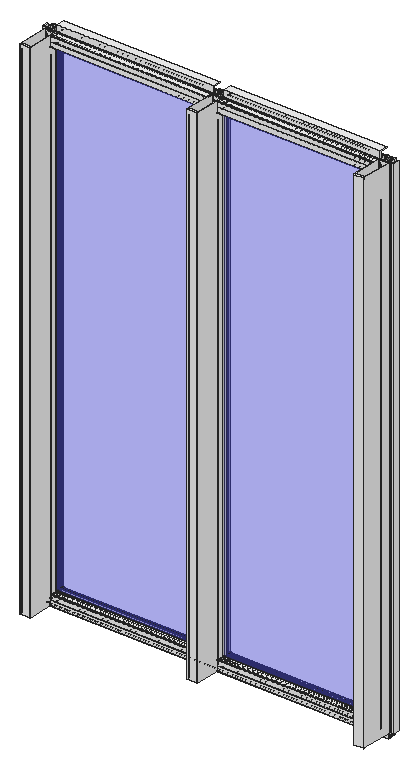
Revit family "Facade_60_Curtain_Wall_S21_Custom", category Windows, host Wall, Revit 2014 (continued)
Definition of nested family "F60 Vertical Profile Middle_S21_Cust"
  Forms (mm)
    Extrusion 3, solid, material <- "Thermal Break Material", visible <- "Single Glazing"
      sketch origin (0, 0, 0) x (1, 0, 0) y (0, 1, 0)
        loop
          line (28.649, 2.261) -> (27.647, 0.19) -> (27.647, -9.511) -> (25.749, -9.511)
          arc (25.749, -9.511) -> (25.396, -9.657) -> (25.249, -10.011) r 0.5
          line (25.249, -10.011) -> (25.249, -13.511)
          arc (25.249, -13.511) -> (25.396, -13.864) -> (25.749, -14.011) r 0.5
        loop
          line (28.504, -10.005) -> (28.504, -10.861)
          arc (28.504, -10.861) -> (28.651, -11.214) -> (29.004, -11.361) r 0.5
          line (29.004, -11.361) -> (30.994, -11.361)
          arc (30.994, -11.361) -> (31.348, -11.214) -> (31.494, -10.861) r 0.5
          line (31.494, -10.861) -> (31.494, -10.005) -> (30.708, -9.219)
          arc (30.708, -9.219) -> (30.383, -9.001) -> (29.999, -8.924) r 1.007
          arc (29.999, -8.924) -> (29.616, -8.999) -> (29.292, -9.217) r 0.986
          line (29.292, -9.217) -> (28.504, -10.005)
        loop
          arc (30.896, 1.935) -> (29.887, 2.44) -> (29.005, 1.735) r 1.047
          line (29.005, 1.735) -> (28.347, 0.374) -> (28.347, -6.993)
          arc (28.347, -6.993) -> (28.583, -7.417) -> (29.068, -7.441) r 0.5
          arc (29.068, -7.441) -> (29.999, -7.223) -> (30.93, -7.441) r 2.099
          arc (30.93, -7.441) -> (31.416, -7.417) -> (31.652, -6.993) r 0.5
          line (31.652, -6.993) -> (31.652, 0.374) -> (30.896, 1.935)
      from 0 to 250 <- "Length"
    Extrusion 4, solid, material <- "Profile Material", visible <- "Single Glazing"
      sketch origin (0, 0, 0) x (1, 0, 0) y (0, 1, 0)
        loop
          line (52.693, -14.011) -> (32.327, -14.011) -> (31.519, -12.611) -> (28.481, -12.611) -> (27.673, -14.011) -> (7.307, -14.011) -> (7.307, -15.011) -> (8.457, -15.011) -> (8.457, -16.261) -> (2.957, -16.261) -> (2.957, -15.011) -> (4.107, -15.011) -> (4.107, -14.011) -> (1.707, -14.011)
          arc (1.707, -14.011) -> (1.199, -14.293) -> (1.168, -14.873) r 0.6
          line (1.168, -14.873) -> (2.093, -16.772) -> (1.015, -17.298) -> (1.484, -18.261) -> (11.488, -18.261)
          arc (11.488, -18.261) -> (11.913, -18.085) -> (12.088, -17.661) r 0.6
          line (12.088, -17.661) -> (12.088, -16.811) -> (47.912, -16.811) -> (47.912, -17.661)
          arc (47.912, -17.661) -> (48.088, -18.085) -> (48.512, -18.261) r 0.6
          line (48.512, -18.261) -> (58.518, -18.261) -> (58.987, -17.298) -> (57.908, -16.772) -> (58.834, -14.874)
          arc (58.834, -14.874) -> (58.802, -14.293) -> (58.293, -14.011) r 0.6
          line (58.293, -14.011) -> (55.893, -14.011) -> (55.893, -15.011) -> (57.043, -15.011) -> (57.043, -16.261) -> (51.543, -16.261) -> (51.543, -15.011) -> (52.693, -15.011) -> (52.693, -14.011)
      from 0 to 250 <- "Length"
    Extrusion 5, solid, material <- "Profile Material", visible <- "Single Glazing"
      sketch origin (0, 0, 0) x (1, 0, 0) y (0, 1, 0)
        loop
          line (2.801, -18.261) -> (1.484, -18.261) -> (1.015, -17.298) -> (2.093, -16.772) -> (0.779, -14.076)
          arc (0.779, -14.076) -> (0.239, -14.21) -> (0.001, -14.713) r 0.65
          line (0.001, -14.713) -> (0.001, -28.068)
          arc (0.001, -28.068) -> (1.172, -30.897) -> (4.001, -32.068) r 4
          line (4.001, -32.068) -> (30.001, -32.068) -> (56.001, -32.068)
          arc (56.001, -32.068) -> (58.829, -30.897) -> (60.001, -28.068) r 4
          line (60.001, -28.068) -> (60.001, -14.713)
          arc (60.001, -14.713) -> (59.763, -14.21) -> (59.223, -14.076) r 0.65
          line (59.223, -14.076) -> (57.908, -16.772) -> (58.987, -17.298) -> (58.518, -18.261) -> (57.201, -18.261)
          arc (57.201, -18.261) -> (56.83, -18.425) -> (56.703, -18.811) r 0.5
          arc (56.703, -18.811) -> (56.83, -19.196) -> (57.201, -19.361) r 0.5
          line (57.201, -19.361) -> (58.951, -19.361) -> (58.951, -27.968)
          arc (58.951, -27.968) -> (58.131, -29.948) -> (56.151, -30.768) r 2.8
          line (56.151, -30.768) -> (30.001, -30.768) -> (3.851, -30.768)
          arc (3.851, -30.768) -> (1.871, -29.948) -> (1.051, -27.968) r 2.8
          line (1.051, -27.968) -> (1.051, -19.361) -> (2.801, -19.361)
          arc (2.801, -19.361) -> (3.172, -19.196) -> (3.298, -18.811) r 0.5
          arc (3.298, -18.811) -> (3.172, -18.425) -> (2.801, -18.261) r 0.5
      from 0 to 250 <- "Length"
    Extrusion 6, solid, material <- "Profile Material", visible <- "100mm Mullion"
      sketch origin (0, 0, 0) x (1, 0, 0) y (0, 1, 0)
        loop
          line (14.02, 13) -> (45.98, 13)
          arc (45.98, 13) -> (46.539, 12.842) -> (46.917, 12.4) r 1
          arc (46.917, 12.4) -> (47.285, 11.963) -> (47.833, 11.8) r 1
          line (47.833, 11.8) -> (58.15, 11.8) -> (58.15, 96.3) -> (47.833, 96.3)
          arc (47.833, 96.3) -> (47.285, 96.137) -> (46.917, 95.7) r 1
          arc (46.917, 95.7) -> (46.548, 95.263) -> (46, 95.1) r 1
          line (46, 95.1) -> (14, 95.1)
          arc (14, 95.1) -> (13.452, 95.263) -> (13.083, 95.7) r 1
          arc (13.083, 95.7) -> (12.715, 96.137) -> (12.167, 96.3) r 1
          line (12.167, 96.3) -> (1.85, 96.3) -> (1.85, 11.8) -> (12.167, 11.8)
          arc (12.167, 11.8) -> (12.715, 11.963) -> (13.083, 12.4) r 1
          arc (13.083, 12.4) -> (13.461, 12.842) -> (14.02, 13) r 1
        loop
          line (1.65, 9.856) -> (58.35, 9.856) -> (58.35, 5.2) -> (60, 5.2) -> (60, 98.8)
          arc (60, 98.8) -> (59.707, 99.507) -> (59, 99.8) r 1
          line (59, 99.8) -> (1, 99.8)
          arc (1, 99.8) -> (0.293, 99.507) -> (0, 98.8) r 1
          line (0, 98.8) -> (0, 5.2) -> (1.65, 5.2) -> (1.65, 9.856)
      from 0 to 250 <- "Length"
    Extrusion 7, solid, material <- "Profile Material", visible <- "160mm Mullion"
      sketch origin (0, 0, 0) x (1, 0, 0) y (0, 1, 0)
        loop
          arc (2.35, 15.6) -> (2.526, 15.176) -> (2.95, 15) r 0.6
          line (2.95, 15) -> (57.05, 15)
          arc (57.05, 15) -> (57.474, 15.176) -> (57.65, 15.6) r 0.6
          line (57.65, 15.6) -> (57.65, 153.7)
          arc (57.65, 153.7) -> (57.474, 154.124) -> (57.05, 154.3) r 0.6
          line (57.05, 154.3) -> (47.833, 154.3)
          arc (47.833, 154.3) -> (47.285, 154.137) -> (46.917, 153.7) r 1
          arc (46.917, 153.7) -> (46.548, 153.263) -> (46, 153.1) r 1
          line (46, 153.1) -> (14, 153.1)
          arc (14, 153.1) -> (13.452, 153.263) -> (13.083, 153.7) r 1
          arc (13.083, 153.7) -> (12.715, 154.137) -> (12.167, 154.3) r 1
          line (12.167, 154.3) -> (2.95, 154.3)
          arc (2.95, 154.3) -> (2.526, 154.124) -> (2.35, 153.7) r 0.6
          line (2.35, 153.7) -> (2.35, 15.6)
        loop
          arc (1, 159.8) -> (0.293, 159.507) -> (0, 158.8) r 1
          line (0, 158.8) -> (0, 5.2) -> (1.65, 5.2) -> (1.65, 10.013) -> (58.35, 10.013) -> (58.35, 5.2) -> (60, 5.2) -> (60, 158.8)
          arc (60, 158.8) -> (59.707, 159.507) -> (59, 159.8) r 1
          line (59, 159.8) -> (1, 159.8)
      from 0 to 250 <- "Length"
    Extrusion 8, solid, material <- "Profile Material", visible <- "190mm Mullion"
      sketch origin (0, 0, 0) x (1, 0, 0) y (0, 1, 0)
        loop
          line (57.25, 15.1) -> (57.25, 178.3)
          arc (57.25, 178.3) -> (56.957, 179.007) -> (56.25, 179.3) r 1
          line (56.25, 179.3) -> (3.75, 179.3)
          arc (3.75, 179.3) -> (3.043, 179.007) -> (2.75, 178.3) r 1
          line (2.75, 178.3) -> (2.75, 15.1)
          arc (2.75, 15.1) -> (2.984, 14.534) -> (3.55, 14.3) r 0.8
          line (3.55, 14.3) -> (56.45, 14.3)
          arc (56.45, 14.3) -> (57.016, 14.534) -> (57.25, 15.1) r 0.8
        loop
          line (60, 5.2) -> (60, 188.8)
          arc (60, 188.8) -> (59.707, 189.507) -> (59, 189.8) r 1
          line (59, 189.8) -> (1, 189.8)
          arc (1, 189.8) -> (0.293, 189.507) -> (0, 188.8) r 1
          line (0, 188.8) -> (0, 5.2) -> (1.65, 5.2) -> (1.65, 9.856) -> (58.35, 9.856) -> (58.35, 5.2) -> (60, 5.2)
      from 0 to 250 <- "Length"
    Extrusion 9, solid, material <- "Thermal Break Material", visible <- "Double Glazing"
      sketch origin (0, 0, 0) x (1, 0, 0) y (0, 1, 0)
        loop
          line (27.672, -28) -> (28.48, -26.6) -> (31.518, -26.6) -> (32.326, -28) -> (34.249, -28)
          arc (34.249, -28) -> (34.603, -27.854) -> (34.749, -27.5) r 0.5
          line (34.749, -27.5) -> (34.749, -10)
          arc (34.749, -10) -> (34.603, -9.646) -> (34.249, -9.5) r 0.5
          line (34.249, -9.5) -> (32.352, -9.5) -> (32.352, 0.198) -> (31.348, 2.272)
          arc (31.348, 2.272) -> (29.998, 2.997) -> (28.648, 2.272) r 1.62
          line (28.648, 2.272) -> (27.645, 0.201) -> (27.645, -9.5) -> (25.749, -9.5)
          arc (25.749, -9.5) -> (25.396, -9.646) -> (25.249, -10) r 0.5
          line (25.249, -10) -> (25.249, -27.5)
          arc (25.249, -27.5) -> (25.396, -27.854) -> (25.749, -28) r 0.5
          line (25.749, -28) -> (27.672, -28)
        loop
          arc (30.706, -9.206) -> (30.382, -8.99) -> (29.999, -8.913) r 1.007
          arc (29.999, -8.913) -> (29.616, -8.988) -> (29.292, -9.206) r 0.986
          line (29.292, -9.206) -> (27.142, -11.356)
          arc (27.142, -11.356) -> (26.926, -11.68) -> (26.849, -12.063) r 1
          line (26.849, -12.063) -> (26.849, -24)
          arc (26.849, -24) -> (27.142, -24.707) -> (27.849, -25) r 1
          line (27.849, -25) -> (32.149, -25)
          arc (32.149, -25) -> (32.856, -24.707) -> (33.149, -24) r 1
          line (33.149, -24) -> (33.149, -12.063)
          arc (33.149, -12.063) -> (33.073, -11.68) -> (32.856, -11.356) r 1
          line (32.856, -11.356) -> (30.706, -9.206)
        loop
          arc (28.345, -6.982) -> (28.581, -7.407) -> (29.067, -7.43) r 0.5
          arc (29.067, -7.43) -> (29.998, -7.213) -> (30.929, -7.43) r 2.099
          arc (30.929, -7.43) -> (31.414, -7.407) -> (31.651, -6.982) r 0.5
          line (31.651, -6.982) -> (31.651, 0.385) -> (30.895, 1.946)
          arc (30.895, 1.946) -> (29.885, 2.45) -> (29.004, 1.745) r 1.047
          line (29.004, 1.745) -> (28.345, 0.385) -> (28.345, -6.982)
      from 0 to 250 <- "Length"
    Extrusion 10, solid, material <- "Profile Material", visible <- "Double Glazing"
      sketch origin (0, 0, 0) x (1, 0, 0) y (0, 1, 0)
        loop
          line (52.692, -28) -> (32.327, -28) -> (31.518, -26.6) -> (28.48, -26.6) -> (27.672, -28) -> (7.306, -28) -> (7.306, -29) -> (8.456, -29) -> (8.456, -30.25) -> (2.956, -30.25) -> (2.956, -29) -> (4.106, -29) -> (4.106, -28) -> (1.706, -28)
          arc (1.706, -28) -> (1.198, -28.282) -> (1.167, -28.863) r 0.6
          line (1.167, -28.863) -> (2.093, -30.762) -> (1.014, -31.288) -> (1.483, -32.25) -> (11.488, -32.25)
          arc (11.488, -32.25) -> (11.912, -32.074) -> (12.088, -31.65) r 0.6
          line (12.088, -31.65) -> (12.088, -30.8) -> (47.911, -30.8) -> (47.911, -31.65)
          arc (47.911, -31.65) -> (48.087, -32.074) -> (48.511, -32.25) r 0.6
          line (48.511, -32.25) -> (58.517, -32.25) -> (58.986, -31.288) -> (57.907, -30.762) -> (58.833, -28.864)
          arc (58.833, -28.864) -> (58.801, -28.282) -> (58.292, -28) r 0.6
          line (58.292, -28) -> (55.892, -28) -> (55.892, -29) -> (57.042, -29) -> (57.042, -30.25) -> (51.542, -30.25) -> (51.542, -29) -> (52.692, -29) -> (52.692, -28)
      from 0 to 250 <- "Length"
    Extrusion 11, solid, material <- "Profile Material", visible <- "Double Glazing"
      sketch origin (0, 0, 0) x (1, 0, 0) y (0, 1, 0)
        loop
          line (2.8, -32.25) -> (1.483, -32.25) -> (1.014, -31.288) -> (2.093, -30.762) -> (0.778, -28.065)
          arc (0.778, -28.065) -> (0.238, -28.2) -> (0, -28.702) r 0.65
          line (0, -28.702) -> (0, -42.058)
          arc (0, -42.058) -> (1.172, -44.886) -> (4, -46.058) r 4
          line (4, -46.058) -> (30, -46.058) -> (56, -46.058)
          arc (56, -46.058) -> (58.828, -44.886) -> (60, -42.058) r 4
          line (60, -42.058) -> (60, -28.702)
          arc (60, -28.702) -> (59.762, -28.2) -> (59.222, -28.065) r 0.65
          line (59.222, -28.065) -> (57.907, -30.762) -> (58.986, -31.288) -> (58.517, -32.25) -> (57.2, -32.25)
          arc (57.2, -32.25) -> (56.829, -32.415) -> (56.703, -32.8) r 0.5
          arc (56.703, -32.8) -> (56.829, -33.185) -> (57.2, -33.35) r 0.5
          line (57.2, -33.35) -> (58.95, -33.35) -> (58.95, -41.958)
          arc (58.95, -41.958) -> (58.13, -43.938) -> (56.15, -44.758) r 2.8
          line (56.15, -44.758) -> (30, -44.758) -> (3.85, -44.758)
          arc (3.85, -44.758) -> (1.87, -43.938) -> (1.05, -41.958) r 2.8
          line (1.05, -41.958) -> (1.05, -33.35) -> (2.8, -33.35)
          arc (2.8, -33.35) -> (3.171, -33.185) -> (3.297, -32.8) r 0.5
          arc (3.297, -32.8) -> (3.171, -32.415) -> (2.8, -32.25) r 0.5
      from 0 to 250 <- "Length"
    Extrusion 12, solid, material <- "Profile Material", visible <- "Double Glazing"
      sketch origin (0, 0, 0) x (1, 0, 0) y (0, 1, 0)
        loop
          line (12, -7.775) -> (0, -7.775) -> (0, -25.775) -> (12, -25.775) -> (12, -7.775)
        loop
          line (10.8, -8.975) -> (1.2, -8.975) -> (1.2, -24.575) -> (10.8, -24.575) -> (10.8, -8.975)
      from 0 to 250 <- "Length"
  Lines and regions (mm)
    model lines, style "GenericModelHiddenLines", visible <- "Half 100mm Expansion Break"
      curve 1: line (60, 5.2, 125) -> (60, 95.2, 125)
      curve 2: line (60, 99.8, 125) -> (0, 99.8, 125)
      curve 8: line (0, 5.2, 125) -> (0, 95.2, 125)
    model lines, style "GenericModelHiddenLines", visible <- "Quarter 100mm Expansion Break"
      curve 3: line (60, 5.2, 187.5) -> (60, 95.2, 187.5)
      curve 4: line (60, 5.2, 62.5) -> (60, 95.2, 62.5)
      curve 5: line (60, 99.8, 62.5) -> (0, 99.8, 62.5)
      curve 6: line (60, 99.8, 187.5) -> (0, 99.8, 187.5)
      curve 7: line (0, 5.2, 187.5) -> (0, 95.2, 187.5)
      curve 9: line (0, 5.2, 62.5) -> (0, 95.2, 62.5)
    model lines, style "GenericModelHiddenLines", visible <- "Half SG Expansion Break"
      curve 10: line (4.107, -32.068, 125) -> (55.893, -32.068, 125)
      curve 14: line (60.001, -14.011, 125) -> (60.001, -32.068, 125)
    model lines, style "GenericModelHiddenLines", visible <- "Quarter SG Expansion Break"
      curve 11: line (4.107, -32.068, 187.5) -> (56.703, -32.068, 187.5)
      curve 12: line (4.107, -32.068, 62.5) -> (56.703, -32.068, 62.5)
      curve 13: line (60.001, -14.011, 187.5) -> (60.001, -32.068, 187.5)
      curve 15: line (60.001, -14.011, 62.5) -> (60.001, -32.068, 62.5)
    model lines, style "GenericModelHiddenLines", visible <- "Quarter 160mm Expansion Break"
      curve 16: line (0, 5.2, 187.5) -> (0, 155.2, 187.5)
      curve 18: line (0, 5.2, 62.5) -> (0, 155.2, 62.5)
      curve 19: line (0, 159.8, 187.5) -> (60, 159.8, 187.5)
      curve 21: line (0, 159.8, 62.5) -> (60, 159.8, 62.5)
      curve 22: line (60, 5.2, 187.5) -> (60, 155.2, 187.5)
      curve 24: line (60, 5.2, 62.5) -> (60, 155.2, 62.5)
    model lines, style "GenericModelHiddenLines", visible <- "Half 160mm Expansion Break"
      curve 17: line (0, 5.2, 125) -> (0, 155.2, 125)
      curve 20: line (0, 159.8, 125) -> (60, 159.8, 125)
      curve 23: line (60, 5.2, 125) -> (60, 155.2, 125)
    model lines, style "GenericModelHiddenLines", visible <- "Quarter 190mm Expansion Break"
      curve 25: line (0, 5.2, 187.5) -> (0, 185.2, 187.5)
      curve 27: line (0, 5.2, 62.5) -> (0, 185.2, 62.5)
      curve 28: line (0.779, 189.8, 187.5) -> (59.222, 189.8, 187.5)
      curve 30: line (0.779, 189.8, 62.5) -> (59.222, 189.8, 62.5)
      curve 31: line (60, 5.2, 187.5) -> (60, 185.2, 187.5)
      curve 33: line (60, 5.2, 62.5) -> (60, 185.2, 62.5)
    model lines, style "GenericModelHiddenLines", visible <- "Half 190mm Expansion Joint"
      curve 26: line (0, 5.2, 125) -> (0, 185.2, 125)
      curve 29: line (0.779, 189.8, 125) -> (59.222, 189.8, 125)
      curve 32: line (60, 5.2, 125) -> (60, 185.2, 125)
    model lines, style "GenericModelHiddenLines", visible <- "Quarter DG Expansion Break"
      curve 34: line (60, -28.065, 187.5) -> (60, -46.074, 187.5)
      curve 36: line (60, -28.065, 62.5) -> (60, -46.027, 62.5)
      curve 37: line (59.222, -46.058, 187.5) -> (0.779, -46.058, 187.5)
      curve 39: line (59.222, -46.058, 62.5) -> (0.779, -46.058, 62.5)
    model lines, style "GenericModelHiddenLines", visible <- "Half DG Expansion Break"
      curve 35: line (60, -28.065, 125) -> (60, -46.074, 125)
      curve 38: line (59.222, -46.058, 125) -> (0.779, -46.058, 125)
  Dimensions and locks
    "Half Length": curve 1 to level
    "Half Length": level to curve 2
    "Quarter Length": curve 4 to level
    "Quarter Length": Extrusion 8 to curve 3
    "Quarter Length": level to curve 5
    "Quarter Length": curve 6 to Extrusion 6
    "Quarter Length": curve 9 to level
    "Half Length": curve 8 to level
    "Quarter Length": Extrusion 8 to curve 7
    "Quarter Length": curve 12 to level
    "Half Length": curve 10 to level
    "Quarter Length": Extrusion 5 to curve 11
    "Quarter Length": curve 15 to level
    "Half Length": curve 14 to level
    "Quarter Length": Extrusion 5 to curve 13
    "Quarter Length": Extrusion 7 to curve 18
    "Half Length": Extrusion 7 to curve 17
    "Quarter Length": Extrusion 7 to curve 16
    "Quarter Length": Extrusion 7 to curve 21
    "Quarter Length": curve 19 to Extrusion 7
    "Half Length": Extrusion 7 to curve 20
    "Quarter Length": Extrusion 7 to curve 24
    "Quarter Length": Extrusion 7 to curve 22
    "Half Length": Extrusion 7 to curve 23
    "Quarter Length": Extrusion 8 to curve 27
    "Quarter Length": Extrusion 8 to curve 25
    "Half Length": Extrusion 8 to curve 26
    "Quarter Length": Extrusion 8 to curve 30
    "Quarter Length": curve 28 to Extrusion 8
    "Half Length": Extrusion 8 to curve 29
    "Quarter Length": Extrusion 8 to curve 33
    "Quarter Length": Extrusion 8 to curve 31
    "Half Length": Extrusion 8 to curve 32
    "Quarter Length": Extrusion 11 to curve 36
    "Quarter Length": Extrusion 11 to curve 34
    "Half Length": Extrusion 11 to curve 35
    "Quarter Length": Extrusion 11 to curve 37
    "Quarter Length": curve 39 to Extrusion 11
    "Half Length": curve 38 to Extrusion 11
    aligned and locked: level to plane 2
  Automatic sketch dimensions
    Extrusion 1 sketch curve to plane 3 "Center (Left/Right)" = 0 mm
    plane 1 "Center (Front/Back)" to Extrusion 1 sketch curve = 0 mm  (x4)
    plane 3 "Center (Left/Right)" to Extrusion 1 sketch curve = 0.5 mm
    Extrusion 1 sketch curve to Extrusion 1 sketch curve = 0.7 mm  (x2)
    Extrusion 1 sketch curve to Extrusion 1 sketch curve = 1.15 mm  (x4)
    Extrusion 1 sketch curve to Extrusion 1 sketch curve = 3.2 mm  (x2)
    Extrusion 1 sketch curve to Extrusion 1 sketch curve = 0.9 mm
    Extrusion 1 sketch curve to Extrusion 1 sketch curve = 0.25 mm
    Extrusion 1 sketch curve to Extrusion 1 sketch curve = 0.8 mm  (x7)
    Extrusion 1 sketch curve to Extrusion 1 sketch curve = 1.45 mm  (x2)
    Extrusion 1 sketch curve to Extrusion 1 sketch curve = 0.65 mm  (x3)
    Extrusion 1 sketch curve to Extrusion 1 sketch curve = 0.95 mm  (x3)
    Extrusion 1 sketch curve to Extrusion 1 sketch curve = 0.6 mm  (x3)
    Extrusion 1 sketch curve to plane 1 "Center (Front/Back)" = 7 mm
    Extrusion 1 sketch curve to Extrusion 1 sketch curve = 14.999 mm  (x2)
    plane 1 "Center (Front/Back)" to Extrusion 1 sketch curve = 8.7 mm
    Extrusion 1 sketch curve to Extrusion 1 sketch curve = 1.85 mm
    Extrusion 1 sketch curve to Extrusion 1 sketch curve = 2.9 mm
    Extrusion 1 sketch curve to Extrusion 1 sketch curve = 5.802 mm
    Extrusion 1 sketch curve to Extrusion 1 sketch curve = 1.049 mm
    Extrusion 1 sketch curve to plane 1 "Center (Front/Back)" = 4.55 mm
    Extrusion 1 sketch curve to plane 1 "Center (Front/Back)" = 0.5 mm  (x3)
    Extrusion 1 sketch curve to Extrusion 1 sketch curve = 1.2 mm
    Extrusion 1 sketch curve to plane 1 "Center (Front/Back)" = 1.15 mm  (x2)
    Extrusion 1 sketch curve to Extrusion 1 sketch curve = 0 mm
    Extrusion 1 sketch curve to Extrusion 1 sketch curve = 1.3 mm  (x2)
    Extrusion 1 sketch curve to Extrusion 1 sketch curve = 0.05 mm  (x2)
    Extrusion 1 sketch curve to Extrusion 1 sketch curve = 0.85 mm  (x2)
    Extrusion 1 sketch curve to plane 1 "Center (Front/Back)" = 6.2 mm
    Extrusion 2 sketch curve to plane 3 "Center (Left/Right)" = 0 mm
    plane 3 "Center (Left/Right)" to Extrusion 2 sketch curve = 1.75 mm
    Extrusion 2 sketch curve to Extrusion 2 sketch curve = 4.6 mm  (x4)
    Extrusion 2 sketch curve to Extrusion 2 sketch curve = 0.6 mm  (x2)
    Extrusion 2 sketch curve to plane 1 "Center (Front/Back)" = 9.8 mm
    Extrusion 2 sketch curve to Extrusion 2 sketch curve = 23.05 mm  (x2)
    Extrusion 2 sketch curve to Extrusion 2 sketch curve = 0 mm
    Extrusion 2 sketch curve to plane 1 "Center (Front/Back)" = 8.456 mm
    Extrusion 2 sketch curve to Extrusion 2 sketch curve = 1.75 mm
    Extrusion 2 sketch curve to plane 1 "Center (Front/Back)" = 3.9 mm  (x2)
    plane 3 "Center (Left/Right)" to Extrusion 3 sketch curve = 25.249 mm
    Extrusion 3 sketch curve to Extrusion 3 sketch curve = 0.5 mm  (x6)
    Extrusion 3 sketch curve to plane 1 "Center (Front/Back)" = 0.19 mm  (x2)
    Extrusion 3 sketch curve to Extrusion 3 sketch curve = 1.897 mm  (x2)
    Extrusion 3 sketch curve to Extrusion 3 sketch curve = 1.922 mm  (x2)
    Extrusion 3 sketch curve to plane 1 "Center (Front/Back)" = 0.374 mm  (x2)
    Extrusion 3 sketch curve to Extrusion 3 sketch curve = 0.7 mm  (x2)
    plane 1 "Center (Front/Back)" to Extrusion 3 sketch curve = 12.611 mm
    Extrusion 3 sketch curve to Extrusion 3 sketch curve = 0.809 mm
    Extrusion 3 sketch curve to Extrusion 3 sketch curve = 0.858 mm
    Extrusion 3 sketch curve to plane 1 "Center (Front/Back)" = 2.261 mm  (x2)
    Extrusion 3 sketch curve to Extrusion 3 sketch curve = 0.303 mm
    Extrusion 3 sketch curve to plane 1 "Center (Front/Back)" = 1.735 mm
    Extrusion 3 sketch curve to Extrusion 3 sketch curve = 0.356 mm
    plane 1 "Center (Front/Back)" to Extrusion 3 sketch curve = 9.217 mm
    Extrusion 3 sketch curve to Extrusion 3 sketch curve = 0.788 mm
    Extrusion 3 sketch curve to Extrusion 3 sketch curve = 0.701 mm
    Extrusion 3 sketch curve to Extrusion 3 sketch curve = 0.003 mm
    Extrusion 3 sketch curve to Extrusion 3 sketch curve = 0.992 mm
    Extrusion 3 sketch curve to Extrusion 3 sketch curve = 0.006 mm
    Extrusion 3 sketch curve to Extrusion 3 sketch curve = 0.002 mm
    plane 1 "Center (Front/Back)" to Extrusion 3 sketch curve = 9.219 mm
    Extrusion 3 sketch curve to Extrusion 3 sketch curve = 0.709 mm
    Extrusion 3 sketch curve to plane 1 "Center (Front/Back)" = 1.935 mm
    Extrusion 3 sketch curve to Extrusion 3 sketch curve = 0.899 mm
    Extrusion 3 sketch curve to Extrusion 3 sketch curve = 0.998 mm
    Extrusion 3 sketch curve to Extrusion 3 sketch curve = 0.444 mm
    Extrusion 3 sketch curve to Extrusion 3 sketch curve = 0.524 mm
    Extrusion 3 sketch curve to Extrusion 3 sketch curve = 0.756 mm
    Extrusion 3 sketch curve to Extrusion 3 sketch curve = 0.808 mm
    Extrusion 3 sketch curve to Extrusion 3 sketch curve = 0.9 mm  (x2)
    Extrusion 3 sketch curve to Extrusion 3 sketch curve = 1.25 mm
    Extrusion 3 sketch curve to Extrusion 3 sketch curve = 0.85 mm  (x2)
    Extrusion 3 sketch curve to Extrusion 3 sketch curve = 0.856 mm  (x2)
    Extrusion 3 sketch curve to Extrusion 3 sketch curve = 0.714 mm
    Extrusion 3 sketch curve to Extrusion 3 sketch curve = 0.02 mm
    Extrusion 3 sketch curve to Extrusion 3 sketch curve = 0.399 mm
    Extrusion 3 sketch curve to Extrusion 3 sketch curve = 2.224 mm
    Extrusion 3 sketch curve to Extrusion 3 sketch curve = 0.448 mm
    Extrusion 3 sketch curve to Extrusion 3 sketch curve = 0.032 mm
    Extrusion 3 sketch curve to Extrusion 3 sketch curve = 0 mm
    plane 3 "Center (Left/Right)" to Extrusion 4 sketch curve = 1.015 mm
    Extrusion 4 sketch curve to Extrusion 4 sketch curve = 0.469 mm
    plane 3 "Center (Left/Right)" to Extrusion 4 sketch curve = 1.707 mm
    Extrusion 4 sketch curve to Extrusion 4 sketch curve = 1.079 mm
    Extrusion 4 sketch curve to Extrusion 4 sketch curve = 0.864 mm
    Extrusion 4 sketch curve to Extrusion 4 sketch curve = 1.15 mm  (x4)
    Extrusion 4 sketch curve to Extrusion 4 sketch curve = 3.2 mm  (x2)
    Extrusion 4 sketch curve to Extrusion 4 sketch curve = 3.031 mm  (x2)
    Extrusion 4 sketch curve to Extrusion 4 sketch curve = 0.6 mm  (x3)
    Extrusion 4 sketch curve to Extrusion 4 sketch curve = 15.584 mm  (x2)
    plane 1 "Center (Front/Back)" to Extrusion 4 sketch curve = 12.611 mm
    Extrusion 4 sketch curve to Extrusion 4 sketch curve = 0.808 mm  (x2)
    Extrusion 4 sketch curve to Extrusion 4 sketch curve = 3.038 mm
    plane 1 "Center (Front/Back)" to Extrusion 4 sketch curve = 14.011 mm
    plane 1 "Center (Front/Back)" to Extrusion 4 sketch curve = 16.772 mm
    Extrusion 4 sketch curve to Extrusion 4 sketch curve = 0.865 mm
    Extrusion 4 sketch curve to Extrusion 4 sketch curve = 1.25 mm  (x4)
    plane 1 "Center (Front/Back)" to Extrusion 4 sketch curve = 18.261 mm
    Extrusion 4 sketch curve to Extrusion 4 sketch curve = 0.61 mm
    plane 1 "Center (Front/Back)" to Extrusion 4 sketch curve = 17.298 mm
    Extrusion 4 sketch curve to Extrusion 4 sketch curve = 5.65 mm
    Extrusion 4 sketch curve to Extrusion 4 sketch curve = 0.962 mm
    Extrusion 4 sketch curve to Extrusion 4 sketch curve = 0.85 mm
    Extrusion 4 sketch curve to Extrusion 4 sketch curve = 0.512 mm  (x2)
    Extrusion 4 sketch curve to Extrusion 4 sketch curve = 1 mm  (x2)
    Extrusion 4 sketch curve to Extrusion 4 sketch curve = 0.4 mm  (x2)
    Extrusion 4 sketch curve to Extrusion 4 sketch curve = 1.4 mm
    Extrusion 4 sketch curve to Extrusion 4 sketch curve = 0.539 mm  (x2)
    Extrusion 4 sketch curve to Extrusion 4 sketch curve = 0 mm
    plane 1 "Center (Front/Back)" to Extrusion 4 sketch curve = 14.874 mm
    plane 3 "Center (Left/Right)" to Extrusion 5 sketch curve = 0.001 mm
    Extrusion 5 sketch curve to Extrusion 5 sketch curve = 0.65 mm  (x2)
    Extrusion 5 sketch curve to Extrusion 5 sketch curve = 0.128 mm  (x2)
    plane 3 "Center (Left/Right)" to Extrusion 5 sketch curve = 1.015 mm
    plane 3 "Center (Left/Right)" to Extrusion 5 sketch curve = 1.051 mm
    Extrusion 5 sketch curve to Extrusion 5 sketch curve = 0.469 mm  (x2)
    Extrusion 5 sketch curve to Extrusion 5 sketch curve = 1.079 mm
    Extrusion 5 sketch curve to Extrusion 5 sketch curve = 1.317 mm  (x2)
    Extrusion 5 sketch curve to Extrusion 5 sketch curve = 0 mm  (x3)
    plane 3 "Center (Left/Right)" to Extrusion 5 sketch curve = 3.851 mm
    Extrusion 5 sketch curve to Extrusion 5 sketch curve = 0.15 mm  (x2)
    Extrusion 5 sketch curve to Extrusion 5 sketch curve = 26 mm  (x2)
    Extrusion 5 sketch curve to Extrusion 5 sketch curve = 1.05 mm
    plane 1 "Center (Front/Back)" to Extrusion 5 sketch curve = 16.772 mm
    Extrusion 5 sketch curve to Extrusion 5 sketch curve = 0.707 mm
    Extrusion 5 sketch curve to Extrusion 5 sketch curve = 0.433 mm
    plane 1 "Center (Front/Back)" to Extrusion 5 sketch curve = 17.298 mm
    plane 1 "Center (Front/Back)" to Extrusion 5 sketch curve = 14.076 mm
    Extrusion 5 sketch curve to Extrusion 5 sketch curve = 0.5 mm  (x2)
    plane 1 "Center (Front/Back)" to Extrusion 5 sketch curve = 18.761 mm
    Extrusion 5 sketch curve to Extrusion 5 sketch curve = 0.1 mm  (x3)
    Extrusion 5 sketch curve to Extrusion 5 sketch curve = 1.1 mm  (x2)
    Extrusion 5 sketch curve to Extrusion 5 sketch curve = 8.608 mm
    Extrusion 5 sketch curve to Extrusion 5 sketch curve = 0.962 mm
    Extrusion 6 sketch curve to plane 3 "Center (Left/Right)" = 0 mm
    plane 3 "Center (Left/Right)" to Extrusion 6 sketch curve = 1 mm
    plane 3 "Center (Left/Right)" to Extrusion 6 sketch curve = 1.65 mm
    plane 3 "Center (Left/Right)" to Extrusion 6 sketch curve = 1.85 mm
    Extrusion 6 sketch curve to Extrusion 6 sketch curve = 10.317 mm  (x3)
    Extrusion 6 sketch curve to Extrusion 6 sketch curve = 1.833 mm  (x4)
    Extrusion 6 sketch curve to Extrusion 6 sketch curve = 0.02 mm  (x2)
    Extrusion 6 sketch curve to plane 1 "Center (Front/Back)" = 13 mm
    Extrusion 6 sketch curve to Extrusion 6 sketch curve = 31.961 mm
    Extrusion 6 sketch curve to Extrusion 6 sketch curve = 32 mm
    Extrusion 6 sketch curve to Extrusion 6 sketch curve = 0.2 mm  (x5)
    Extrusion 6 sketch curve to Extrusion 6 sketch curve = 0.85 mm
    Extrusion 6 sketch curve to Extrusion 6 sketch curve = 1.65 mm
    Extrusion 6 sketch curve to Extrusion 6 sketch curve = 1 mm  (x8)
    Extrusion 6 sketch curve to Extrusion 6 sketch curve = 1.944 mm
    Extrusion 6 sketch curve to Extrusion 6 sketch curve = 4.656 mm  (x2)
    Extrusion 6 sketch curve to Extrusion 6 sketch curve = 82.1 mm
    Extrusion 6 sketch curve to Extrusion 6 sketch curve = 2.5 mm
    Extrusion 7 sketch curve to plane 3 "Center (Left/Right)" = 0 mm
    Extrusion 7 sketch curve to Extrusion 7 sketch curve = 1 mm  (x3)
    plane 3 "Center (Left/Right)" to Extrusion 7 sketch curve = 1.65 mm
    plane 3 "Center (Left/Right)" to Extrusion 7 sketch curve = 2.35 mm
    Extrusion 7 sketch curve to Extrusion 7 sketch curve = 0.6 mm  (x3)
    Extrusion 7 sketch curve to Extrusion 7 sketch curve = 9.217 mm  (x2)
    Extrusion 7 sketch curve to Extrusion 7 sketch curve = 1.833 mm  (x2)
    Extrusion 7 sketch curve to Extrusion 7 sketch curve = 32 mm
    Extrusion 7 sketch curve to plane 1 "Center (Front/Back)" = 15 mm
    Extrusion 7 sketch curve to Extrusion 7 sketch curve = 54.1 mm
    Extrusion 7 sketch curve to Extrusion 7 sketch curve = 1.3 mm
    Extrusion 7 sketch curve to Extrusion 7 sketch curve = 1.95 mm
    Extrusion 7 sketch curve to Extrusion 7 sketch curve = 1.65 mm
    Extrusion 7 sketch curve to Extrusion 7 sketch curve = 4.987 mm
    Extrusion 7 sketch curve to Extrusion 7 sketch curve = 4.813 mm
    Extrusion 7 sketch curve to Extrusion 7 sketch curve = 4.812 mm
    Extrusion 7 sketch curve to Extrusion 7 sketch curve = 137.5 mm
    Extrusion 7 sketch curve to Extrusion 7 sketch curve = 0.2 mm  (x2)
    Extrusion 7 sketch curve to Extrusion 7 sketch curve = 0.4 mm  (x2)
    Extrusion 7 sketch curve to Extrusion 7 sketch curve = 4.5 mm
    Extrusion 8 sketch curve to plane 3 "Center (Left/Right)" = 0 mm
    Extrusion 8 sketch curve to Extrusion 8 sketch curve = 1 mm  (x3)
    plane 3 "Center (Left/Right)" to Extrusion 8 sketch curve = 1.65 mm
    plane 3 "Center (Left/Right)" to Extrusion 8 sketch curve = 2.75 mm
    Extrusion 8 sketch curve to Extrusion 8 sketch curve = 0.8 mm  (x2)
    Extrusion 8 sketch curve to Extrusion 8 sketch curve = 52.5 mm
    Extrusion 8 sketch curve to plane 1 "Center (Front/Back)" = 15.1 mm
    Extrusion 8 sketch curve to Extrusion 8 sketch curve = 52.9 mm
    Extrusion 8 sketch curve to Extrusion 8 sketch curve = 1.9 mm
    Extrusion 8 sketch curve to Extrusion 8 sketch curve = 2.75 mm
    Extrusion 8 sketch curve to Extrusion 8 sketch curve = 4.444 mm
    Extrusion 8 sketch curve to Extrusion 8 sketch curve = 4.656 mm  (x2)
    Extrusion 8 sketch curve to Extrusion 8 sketch curve = 163.2 mm
    Extrusion 8 sketch curve to Extrusion 8 sketch curve = 9.5 mm
    plane 3 "Center (Left/Right)" to Extrusion 9 sketch curve = 25.249 mm
    Extrusion 9 sketch curve to Extrusion 9 sketch curve = 0.5 mm  (x4)
    Extrusion 9 sketch curve to Extrusion 9 sketch curve = 1.1 mm
    plane 1 "Center (Front/Back)" to Extrusion 9 sketch curve = 11.356 mm  (x2)
    Extrusion 9 sketch curve to Extrusion 9 sketch curve = 0.293 mm  (x2)
    Extrusion 9 sketch curve to Extrusion 9 sketch curve = 1.896 mm
    Extrusion 9 sketch curve to Extrusion 9 sketch curve = 1.922 mm
    Extrusion 9 sketch curve to Extrusion 9 sketch curve = 1 mm  (x2)
    Extrusion 9 sketch curve to Extrusion 9 sketch curve = 0.7 mm
    Extrusion 9 sketch curve to Extrusion 9 sketch curve = 0.808 mm
    Extrusion 9 sketch curve to plane 1 "Center (Front/Back)" = 2.272 mm  (x2)
    Extrusion 9 sketch curve to Extrusion 9 sketch curve = 0.303 mm
    Extrusion 9 sketch curve to plane 1 "Center (Front/Back)" = 1.745 mm
    Extrusion 9 sketch curve to Extrusion 9 sketch curve = 0.356 mm
    plane 1 "Center (Front/Back)" to Extrusion 9 sketch curve = 9.206 mm  (x2)
    Extrusion 9 sketch curve to Extrusion 9 sketch curve = 1.647 mm
    Extrusion 9 sketch curve to Extrusion 9 sketch curve = 0.701 mm
    Extrusion 9 sketch curve to Extrusion 9 sketch curve = 0.992 mm
    Extrusion 9 sketch curve to Extrusion 9 sketch curve = 0.003 mm
    Extrusion 9 sketch curve to Extrusion 9 sketch curve = 0.002 mm
    Extrusion 9 sketch curve to Extrusion 9 sketch curve = 0.004 mm
    Extrusion 9 sketch curve to Extrusion 9 sketch curve = 0.708 mm
    Extrusion 9 sketch curve to plane 1 "Center (Front/Back)" = 1.946 mm
    Extrusion 9 sketch curve to Extrusion 9 sketch curve = 0.899 mm
    Extrusion 9 sketch curve to Extrusion 9 sketch curve = 0.444 mm
    Extrusion 9 sketch curve to Extrusion 9 sketch curve = 3.038 mm
    Extrusion 9 sketch curve to plane 1 "Center (Front/Back)" = 0.385 mm  (x2)
    Extrusion 9 sketch curve to Extrusion 9 sketch curve = 0.756 mm
    Extrusion 9 sketch curve to Extrusion 9 sketch curve = 2.153 mm
    Extrusion 9 sketch curve to Extrusion 9 sketch curve = 0.631 mm
    Extrusion 9 sketch curve to Extrusion 9 sketch curve = 0.807 mm
    Extrusion 9 sketch curve to Extrusion 9 sketch curve = 1.646 mm
    Extrusion 9 sketch curve to Extrusion 9 sketch curve = 0.707 mm
    Extrusion 9 sketch curve to Extrusion 9 sketch curve = 1.393 mm
    Extrusion 9 sketch curve to Extrusion 9 sketch curve = 1.923 mm
    Extrusion 9 sketch curve to Extrusion 9 sketch curve = 11.937 mm
    Extrusion 9 sketch curve to Extrusion 9 sketch curve = 1.6 mm
    Extrusion 9 sketch curve to Extrusion 9 sketch curve = 0.9 mm  (x2)
    Extrusion 9 sketch curve to Extrusion 9 sketch curve = 1.356 mm  (x2)
    Extrusion 9 sketch curve to Extrusion 9 sketch curve = 0.714 mm
    Extrusion 9 sketch curve to Extrusion 9 sketch curve = 0.02 mm
    Extrusion 9 sketch curve to Extrusion 9 sketch curve = 0.399 mm
    Extrusion 9 sketch curve to Extrusion 9 sketch curve = 2.224 mm
    Extrusion 9 sketch curve to Extrusion 9 sketch curve = 0.448 mm
    Extrusion 9 sketch curve to plane 1 "Center (Front/Back)" = 0.198 mm
    Extrusion 9 sketch curve to plane 1 "Center (Front/Back)" = 0.201 mm
    Extrusion 9 sketch curve to Extrusion 9 sketch curve = 0.032 mm
    Extrusion 9 sketch curve to Extrusion 9 sketch curve = 0 mm
    plane 3 "Center (Left/Right)" to Extrusion 10 sketch curve = 1.014 mm
    Extrusion 10 sketch curve to Extrusion 10 sketch curve = 0.469 mm  (x2)
    plane 3 "Center (Left/Right)" to Extrusion 10 sketch curve = 1.706 mm
    Extrusion 10 sketch curve to Extrusion 10 sketch curve = 1.079 mm
    Extrusion 10 sketch curve to Extrusion 10 sketch curve = 0.864 mm
    Extrusion 10 sketch curve to Extrusion 10 sketch curve = 1.15 mm  (x4)
    Extrusion 10 sketch curve to Extrusion 10 sketch curve = 3.2 mm  (x2)
    Extrusion 10 sketch curve to Extrusion 10 sketch curve = 3.031 mm  (x2)
    Extrusion 10 sketch curve to Extrusion 10 sketch curve = 0.6 mm  (x3)
    Extrusion 10 sketch curve to Extrusion 10 sketch curve = 15.584 mm  (x2)
    Extrusion 10 sketch curve to Extrusion 10 sketch curve = 0.808 mm  (x2)
    Extrusion 10 sketch curve to Extrusion 10 sketch curve = 3.038 mm
    Extrusion 10 sketch curve to Extrusion 10 sketch curve = 0.865 mm
    Extrusion 10 sketch curve to Extrusion 10 sketch curve = 1.25 mm  (x5)
    Extrusion 10 sketch curve to Extrusion 10 sketch curve = 0.61 mm
    plane 1 "Center (Front/Back)" to Extrusion 10 sketch curve = 31.288 mm
    Extrusion 10 sketch curve to Extrusion 10 sketch curve = 0.362 mm
    plane 1 "Center (Front/Back)" to Extrusion 10 sketch curve = 31.65 mm
    Extrusion 10 sketch curve to Extrusion 10 sketch curve = 0.962 mm
    Extrusion 10 sketch curve to Extrusion 10 sketch curve = 0.85 mm
    Extrusion 10 sketch curve to Extrusion 10 sketch curve = 0.512 mm  (x2)
    Extrusion 10 sketch curve to Extrusion 10 sketch curve = 0.4 mm  (x2)
    Extrusion 10 sketch curve to Extrusion 10 sketch curve = 1 mm
    Extrusion 10 sketch curve to Extrusion 10 sketch curve = 2.8 mm
    Extrusion 10 sketch curve to Extrusion 10 sketch curve = 0 mm  (x2)
    Extrusion 10 sketch curve to Extrusion 10 sketch curve = 1.4 mm
    Extrusion 10 sketch curve to Extrusion 10 sketch curve = 0.539 mm  (x2)
    plane 1 "Center (Front/Back)" to Extrusion 10 sketch curve = 28.864 mm
    Extrusion 11 sketch curve to plane 3 "Center (Left/Right)" = 0 mm
    plane 3 "Center (Left/Right)" to Extrusion 11 sketch curve = 0.65 mm
    Extrusion 11 sketch curve to Extrusion 11 sketch curve = 0.128 mm  (x2)
    plane 3 "Center (Left/Right)" to Extrusion 11 sketch curve = 1.014 mm
    plane 3 "Center (Left/Right)" to Extrusion 11 sketch curve = 1.05 mm
    Extrusion 11 sketch curve to Extrusion 11 sketch curve = 0.469 mm  (x2)
    Extrusion 11 sketch curve to Extrusion 11 sketch curve = 1.079 mm
    Extrusion 11 sketch curve to Extrusion 11 sketch curve = 1.317 mm  (x2)
    Extrusion 11 sketch curve to Extrusion 11 sketch curve = 0 mm  (x3)
    plane 3 "Center (Left/Right)" to Extrusion 11 sketch curve = 3.85 mm
    Extrusion 11 sketch curve to Extrusion 11 sketch curve = 0.15 mm  (x2)
    Extrusion 11 sketch curve to Extrusion 11 sketch curve = 26 mm  (x2)
    Extrusion 11 sketch curve to Extrusion 11 sketch curve = 1.05 mm
    Extrusion 11 sketch curve to Extrusion 11 sketch curve = 0.707 mm
    Extrusion 11 sketch curve to Extrusion 11 sketch curve = 0.433 mm
    plane 1 "Center (Front/Back)" to Extrusion 11 sketch curve = 31.288 mm
    plane 1 "Center (Front/Back)" to Extrusion 11 sketch curve = 28.065 mm
    Extrusion 11 sketch curve to Extrusion 11 sketch curve = 1.314 mm
    Extrusion 11 sketch curve to Extrusion 11 sketch curve = 0.65 mm
    Extrusion 11 sketch curve to Extrusion 11 sketch curve = 0.5 mm  (x2)
    plane 1 "Center (Front/Back)" to Extrusion 11 sketch curve = 32.75 mm
    Extrusion 11 sketch curve to Extrusion 11 sketch curve = 0.1 mm  (x3)
    Extrusion 11 sketch curve to Extrusion 11 sketch curve = 1.1 mm  (x2)
    Extrusion 11 sketch curve to Extrusion 11 sketch curve = 8.608 mm
    Extrusion 11 sketch curve to Extrusion 11 sketch curve = 0.962 mm
    Extrusion 12 sketch curve to plane 3 "Center (Left/Right)" = 0 mm
    plane 3 "Center (Left/Right)" to Extrusion 12 sketch curve = 1.2 mm
    Extrusion 12 sketch curve to Extrusion 12 sketch curve = 9.6 mm
    Extrusion 12 sketch curve to Extrusion 12 sketch curve = 1.2 mm  (x3)
    plane 1 "Center (Front/Back)" to Extrusion 12 sketch curve = 25.775 mm
    plane 1 "Center (Front/Back)" to Extrusion 12 sketch curve = 8.975 mm
    curve 4 to Extrusion 6 = 0 mm
    curve 3 to Extrusion 6 = 0 mm
    curve 1 to Extrusion 6 = 0 mm
    curve 4 to Extrusion 6 = 3.6 mm
    curve 3 to Extrusion 6 = 3.6 mm
    curve 1 to Extrusion 6 = 3.6 mm
    Extrusion 6 to curve 2 = 1 mm
    Extrusion 6 to curve 5 = 1 mm
    Extrusion 6 to curve 6 = 1 mm
    curve 6 to Extrusion 6 = 1 mm
    curve 5 to Extrusion 6 = 1 mm
    curve 2 to Extrusion 6 = 1 mm
    curve 9 to Extrusion 6 = 0 mm
    curve 8 to Extrusion 6 = 0 mm
    curve 7 to Extrusion 6 = 0 mm
    Extrusion 6 to curve 8 = 3.6 mm
    Extrusion 6 to curve 9 = 3.6 mm
    Extrusion 6 to curve 7 = 3.6 mm
    curve 12 to Extrusion 5 = 25.894 mm
    curve 11 to Extrusion 5 = 25.894 mm
    curve 10 to Extrusion 5 = 25.894 mm
    curve 10 to Extrusion 5 = 0.108 mm
    Extrusion 5 to curve 12 = 0.703 mm
    Extrusion 5 to curve 11 = 0.703 mm
    curve 13 to Extrusion 5 = 4 mm
    curve 14 to Extrusion 5 = 4 mm
    curve 15 to Extrusion 5 = 4 mm
    Extrusion 5 to curve 15 = 0.702 mm
    Extrusion 5 to curve 14 = 0.702 mm
    Extrusion 5 to curve 13 = 0.702 mm
    curve 18 to Extrusion 7 = 0 mm
    curve 17 to Extrusion 7 = 0 mm
    curve 16 to Extrusion 7 = 0 mm
    Extrusion 7 to curve 17 = 3.6 mm
    Extrusion 7 to curve 18 = 3.6 mm
    Extrusion 7 to curve 16 = 3.6 mm
    Extrusion 7 to curve 21 = 1 mm  (x2)
    Extrusion 7 to curve 20 = 1 mm  (x2)
    Extrusion 7 to curve 19 = 1 mm  (x2)
    curve 24 to Extrusion 7 = 0 mm
    curve 23 to Extrusion 7 = 0 mm
    curve 22 to Extrusion 7 = 0 mm
    curve 24 to Extrusion 7 = 3.6 mm
    curve 23 to Extrusion 7 = 3.6 mm
    curve 22 to Extrusion 7 = 3.6 mm
    curve 27 to Extrusion 8 = 0 mm
    curve 26 to Extrusion 8 = 0 mm
    curve 25 to Extrusion 8 = 0 mm
    Extrusion 8 to curve 26 = 3.6 mm
    Extrusion 8 to curve 27 = 3.6 mm
    Extrusion 8 to curve 25 = 3.6 mm
    Extrusion 8 to curve 30 = 0.221 mm
    Extrusion 8 to curve 29 = 0.221 mm
    Extrusion 8 to curve 28 = 0.221 mm
    curve 29 to Extrusion 8 = 0.222 mm
    curve 30 to Extrusion 8 = 0.222 mm
    curve 28 to Extrusion 8 = 0.222 mm
    curve 33 to Extrusion 8 = 0 mm
    curve 32 to Extrusion 8 = 0 mm
    curve 31 to Extrusion 8 = 0 mm
    curve 33 to Extrusion 8 = 3.6 mm
    curve 32 to Extrusion 8 = 3.6 mm
    curve 31 to Extrusion 8 = 3.6 mm
    curve 34 to Extrusion 11 = 4.016 mm
    curve 35 to Extrusion 11 = 4.016 mm
    curve 36 to Extrusion 11 = 3.97 mm
    Extrusion 11 to curve 36 = 0.637 mm
    Extrusion 11 to curve 35 = 0.637 mm
    Extrusion 11 to curve 34 = 0.637 mm
    curve 37 to Extrusion 11 = 29.221 mm
    curve 38 to Extrusion 11 = 29.221 mm
    curve 39 to Extrusion 11 = 29.221 mm
    Extrusion 11 to curve 39 = 3.222 mm
    Extrusion 11 to curve 38 = 3.222 mm
    Extrusion 11 to curve 37 = 3.222 mm
